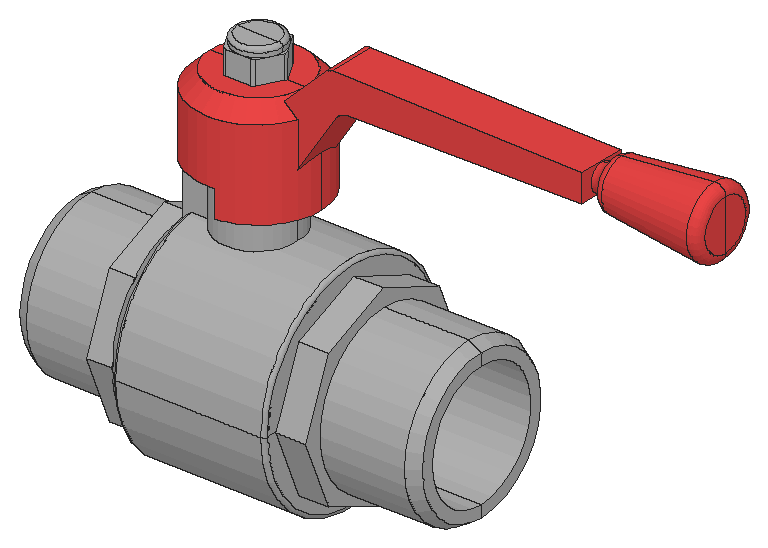
Revit family "QA08520000", category Apparecchi idraulici, Revit 2016
Family settings
  Tipo di parte = Normale
  Quota connettore circolare = Usa diametro
  Numero OmniClass = 23.45.00.00
  Titolo OmniClass = Sanitary, Laundry, and Cleaning Equipment
  Basato su piano di lavoro = No
  Sempre verticale = Sì
  Taglio con vuoti quando caricato = No
  Condiviso = No
  Punto di calcolo locali = No
Parameters
  URL = "https://web.cimberio.it/index.php/figura/170?subcategoria_id=42599"
  DN Model [instance] = QA08521032 : QA08521032
  DN [instance] = 32 mm
Reference planes
  plane 1 "Centro (Fronte/Retro)": y = 0
  plane 2: z = 0
  plane 3 "Centro (Sinistra/Destra)": x = 0
Dimensions and locks
  aligned and locked: level to plane 2
Nested families
  nested 1: "QA08521032" at (0, 0, 0), type <- "DN Model", type "QA08521032"
  nested 2: "QA08521032" at (0, 0, 0), type <- "DN Model", type "QA08521032"
  nested 3: "QA08521032" at (0, 0, 0), type <- "DN Model", type "QA08521032"
  nested 4: "QA08521032" at (0, 0, 0), type <- "DN Model", type "QA08521032"
  nested 5: "QA08521032" at (0, 0, 0), type <- "DN Model", type "QA08521032"
  nested 6: "QA08521032" at (0, 0, 0), type <- "DN Model", type "QA08521032"
  nested 7: "QA08521032" at (0, 0, 0), type <- "DN Model", type "QA08521032"
  nested 8: "QA08521032" at (0, 0, 0), type <- "DN Model", type "QA08521032"
  nested 9: "QA08521032" at (0, 0, 0), type <- "DN Model", type "QA08521032"
  nested 10: "QA08521032" at (0, 0, 0), type <- "DN Model", type "QA08521032"
  nested 11: "QA08521032" at (0, 0, 0), type <- "DN Model", type "QA08521032"
Connectors
  piping at (57.35, 0, 0), diameter 32, driven by "DN"
    settings: on nested 1, index 1, connector inside diameter 609.6 mm, connector length 0 mm, flow factor 0, pipe flow 0.0 L/s, pressure drop 0.0 Pa, fitting loss kfactor 0, connector angle 0.00°, fixture units 0, engagement length 0 mm, angle of deflection 0.00°, flow configuration 0, flow direction 0, fitting loss method 0, system type 7, joint type 0, gender type 0, connector reference index -1, connector utility 0, adjustable connector no, is connector primary yes, connector description ""
  piping at (-46, 0, 0), diameter 32, driven by "DN"
    settings: on nested 1, index 2, connector inside diameter 609.6 mm, connector length 0 mm, flow factor 0, pipe flow 0.0 L/s, pressure drop 0.0 Pa, fitting loss kfactor 0, connector angle 0.00°, fixture units 0, engagement length 0 mm, angle of deflection 0.00°, flow configuration 0, flow direction 0, fitting loss method 0, system type 7, joint type 0, gender type 0, connector reference index -1, connector utility 0, adjustable connector no, is connector primary no, connector description ""
Definition of nested family "QA08521032"
  Reference planes
    plane 1 "Centro (Fronte/Retro)": y = 0
    plane 2: z = 0
    plane 3 "Centro (Sinistra/Destra)": x = 0
  Forms (mm)
    Revolve 1, solid
      sketch origin (0, 0, 1.25) x (1, 0, 0) y (0, 0, 1)
        loop
          line (0, 63.05) -> (-12.25, 63.05) -> (-16.25, 59.05) -> (-16.25, 36.05) -> (-11.806, 36.05) -> (-11.806, 55.489) -> (0, 55.489) -> (0, 63.05)
        axis (0, 63.05) -> (0, 36.05)
      angle from 0 to 360
    Revolve 2, solid
      sketch origin (0, 0, 0) x (1, 0, 0) y (0, 0, 1)
        loop
          line (0, 52.699) -> (-10.25, 52.699) -> (-10.25, 27.86) -> (0, 27.86) -> (0, 52.699)
        axis (0, 52.699) -> (0, 27.86)
      angle from 0 to 360
    Revolve 3, solid
      sketch origin (11.35, 0, 0) x (1, 0, 0) y (0, 0, 1)
        loop
          line (20.951, 20.803) -> (20.951, 16) -> (46, 16) -> (46, 18.952) -> (42.829, 20.783) -> (20.951, 20.803)
        axis (46, 0) -> (20.951, 0)
      angle from 0 to 360
    Extrusion 4, solid
      sketch origin (0, 0, 0) x (1, 0, 0) y (0, 0, 1)
        loop
          line (11.393, 63.193) -> (14.965, 48.808) -> (25.275, 64.683)
          arc (25.275, 64.683) -> (26.161, 65.509) -> (27.331, 65.821) r 2.5
          line (27.331, 65.821) -> (88.127, 66.8) -> (88.127, 73.8) -> (24.058, 74.783)
          arc (24.058, 74.783) -> (23.082, 74.602) -> (22.254, 74.054) r 2.49
          line (22.254, 74.054) -> (11.393, 63.193)
      from -6.173 to 6.173
    Revolve 5, solid
      sketch origin (0, 0, 0) x (1, 0, 0) y (0, 0, 1)
        loop
          line (88.127, 70.3) -> (120, 70.3) -> (120, 76.812)
          arc (120, 76.812) -> (119.179, 78.666) -> (117.254, 79.3) r 2.498
          line (117.254, 79.3) -> (93.445, 76.918)
          arc (93.445, 76.918) -> (92.345, 76.544) -> (91.539, 75.708) r 2.461
          arc (91.539, 75.708) -> (90.093, 74.289) -> (88.127, 73.8) r 3.852
          line (88.127, 73.8) -> (88.127, 70.3)
        axis (88.127, 70.3) -> (120, 70.3)
      angle from 0 to 360
    Revolve 6, solid
      sketch origin (0, 0, 0) x (1, 0, 0) y (0, 0, 1)
        loop
          line (5.254, 72.3) -> (0, 72.3) -> (0, 70.045) -> (6.254, 70.045) -> (6.254, 71.3)
          arc (6.254, 71.3) -> (5.961, 72.007) -> (5.254, 72.3) r 1
        axis (0, 72.3) -> (0, 70.045)
      angle from 0 to 360
    Extrusion 7, solid
      sketch origin (0, 0, 58.3) x (0, 1, 0) y (-1, 0, 0)
        loop
          line (-0.499, 7.215) -> (-6, 4.039)
          arc (-6, 4.039) -> (-6.364, 3.674) -> (-6.498, 3.177) r 0.995
          line (-6.498, 3.177) -> (-6.498, -3.174)
          arc (-6.498, -3.174) -> (-6.364, -3.674) -> (-5.998, -4.04) r 1
          line (-5.998, -4.04) -> (-0.488, -7.221)
          arc (-0.488, -7.221) -> (0, -7.352) -> (0.488, -7.221) r 0.976
          line (0.488, -7.221) -> (6.013, -4.031)
          arc (6.013, -4.031) -> (6.368, -3.676) -> (6.498, -3.192) r 0.969
          line (6.498, -3.192) -> (6.498, 3.16)
          arc (6.498, 3.16) -> (6.36, 3.672) -> (5.986, 4.047) r 1.023
          line (5.986, 4.047) -> (0.499, 7.215)
          arc (0.499, 7.215) -> (0, 7.348) -> (-0.499, 7.215) r 0.998
      from 6 to 12
    Revolve 8, solid
      sketch origin (0, 0, 0) x (0, 1, 0) y (-1, 0, 0)
        loop
          line (16, -24.35) -> (27.5, -24.35)
          arc (27.5, -24.35) -> (28.207, -24.057) -> (28.5, -23.349) r 1
          line (28.5, -23.349) -> (28.5, 13.793)
          arc (28.5, 13.793) -> (28.267, 14.276) -> (27.867, 14.633) r 1.375
          line (27.867, 14.633) -> (24.776, 17.724) -> (16, 17.724) -> (16, -24.35)
        axis (0, -24.35) -> (0, 17.724)
      angle from 0 to 360
    Extrusion 9, solid
      sketch origin (0, 0, 0) x (0, 1, 0) y (0, 0, -1)
        loop
          circle (0, 0) r 16
        loop
          line (0, -25) -> (17.678, -17.678) -> (25, 0) -> (17.678, 17.678) -> (0, 25) -> (-17.678, 17.678) -> (-25, 0) -> (-17.678, -17.678) -> (0, -25)
      from 17.724 to 24
    Revolve 10, solid
      sketch origin (0, 0, 0) x (-1, 0, 0) y (0, 0, -1)
        loop
          line (24, -20.8) -> (42.829, -20.783) -> (46, -18.952) -> (46, -16) -> (24, -16) -> (24, -20.8)
        axis (46, 0) -> (24, 0)
      angle from 0 to 360
    Extrusion 11, solid
      sketch origin (0, 0, 0) x (0, 1, 0) y (0, 0, 1)
        loop
          circle (0, 0) r 16
        loop
          line (0, 25) -> (-17.678, 17.678) -> (-25, 0) -> (-17.678, -17.678) -> (0, -25) -> (17.678, -17.678) -> (25, 0) -> (17.678, 17.678) -> (0, 25)
      from 24.058 to 32.301
    Extrusion 12, solid
      sketch origin (0, 0, 0) x (-1, 0, 0) y (0, 0, -1)
        loop
          line (8.17, -42.402) -> (16.034, -42.402) -> (16.034, -25.059) -> (8.17, -25.059) -> (8.17, -42.402)
      from 0 to 4.085
    Extrusion 13, void
      sketch origin (0, 0, 59.55) x (0, 1, 0) y (-1, 0, 0)
        loop
          line (0, 9.896) -> (0, 14.207)
          arc (0, 14.207) -> (-18.668, 15.65) -> (-25.763, -1.678) r 15.898
          line (-25.763, -1.678) -> (-12.199, -1.678)
          arc (-12.199, -1.678) -> (-8.494, 6.633) -> (0, 9.896) r 11.898
      from -23.838 to -15.25
  Cuts and joins
    Extrusion 13 cuts Revolve 1
    Extrusion 13 cuts Revolve 2
  Dimensions and locks
    aligned and locked: level to plane 2
